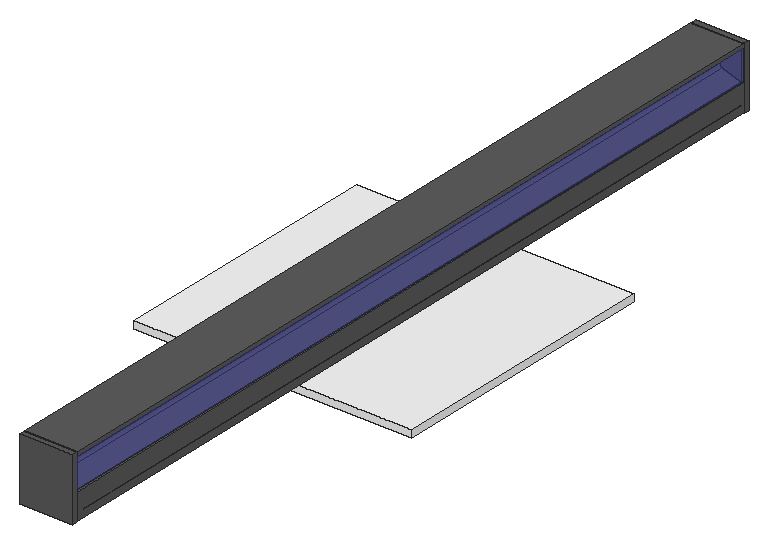
Revit family "BE_50802.5_de_DE", category Leuchten, Revit 2020
Family settings
  Basisbauteil = Fläche
  Bemaßung runder Anschluss = Durchmesser verwenden
  Teiletyp = Normal
  Beim Laden mit Abzugskörper schneiden = Ja
  Lichtquelle = Ja
  Gemeinsam genutzt = Nein
  Raumberechnungspunkt = Ja
Parameters (values of type "BEGA_50802.5_K3")
  built-in parameter 1150104 = 13.778 (stored number, unit not read)
  Wattage = 47.2 W
  Default Elevation = 0 mm
  built-in parameter 1150113 = 1 (stored number, unit not read)
  built-in parameter 1114218 = 1 (stored number, unit not read)
  Umgebungstemperatur = "25 °C"
  URL = "https://www.bega.com/de/produkt/50802.5"
  Typenkommentare = "© 2023 BEGA. Wir behalten uns das Recht vor, technische Änderungen ohne vorherige Ankündigung vorzunehmen."  # constant formula
  built-in parameter 1150134 = (empty or 0)
  built-in parameter 1150109 = 1 (stored number, unit not read)
  Strom = ""
  built-in parameter 1150110 = 1 (stored number, unit not read)
  Spannung = 239.996 V
  Sonderanfertigung = no
  Seriennummer [instance] = "Hier können Sie die eindeutige Seriennummer für das Facility Management eintragen."
  Schutzklasse = "I"
  Schutzart = "IP 20"
  Scheinlast = 0 VA
  Produktdatenblatt = "https://cdn.bega.com/bega/products/50802.5K3/current/documents/data-sheets/de"
  Oberflächentemperatur = ""
  Neigungswinkel = 0.00°
  Modell = "50802.5K3"
  Material_35 = BEGA_Oberfläche_Samtschwarz_matt
  Material_14 = BEGA_Kunststoff_opal
  M_W = no
  M_G = no
  M_A = no
  Logo = 0
  built-in parameter 1114217 = 1 (stored number, unit not read)
  built-in parameter 1150139 = (empty or 0)
  built-in parameter 1150105 = 557.06 (stored number, unit not read)
  built-in parameter 1150114 = 1 (stored number, unit not read)
  Lumens = 7000.23 lm
  built-in parameter 1150115 = 1 (stored number, unit not read)
  Leuchtenlichtstrom = "5910 lm"
  Leuchtenanzahl = ""
  Lebensdauerkriterien = "L70B50 @ 25 °C = 160000 h"
  Lastklassifizierung = Beleuchtung
  built-in parameter 1150112 = 1 (stored number, unit not read)
  Lampenlichtstrom = "7000 lm"
  Lampe = "LED 47.2 W"
  LED_Modulbezeichnung = "8x LED-1050/930"
  Hersteller = "BEGA"  # constant formula
  Halbstreuwinkel = ""
  Gewicht = "7.3 kg"
  Gebrauchslageneinschränkung [instance] = ""
  Frequenz = "0/50-60 Hz"
  Farbwiedergabeindex = "CRI > 90"
  Farbtemperaturverschiebung bei Dämpfen der Lampe = <Keine Auswahl>
  Farbtemperatur = "3000 K"
  Color Filter = 16777215
  built-in parameter 1150133 = 10 (stored number, unit not read)
  Energieeffizienzklasse = "LED A++ - A"
  built-in parameter 1150137 = (empty or 0)
  built-in parameter 1150132 = (empty or 0)
  ENEC = "ja"
  Dimmbar [instance] = "DALI"
  Datei für fotometrisches Netz = "BE_50802.5K3.IES"
  CE_Konformität = "ja"
  Bestellnummer = "50802.5K3"
  Beschreibung_Sonderanfertigung = "Hier können Sie Informationen zur Sonderanfertigung eintragen."
  Beschreibung = "Wandleuchte"
  built-in parameter 1150106 = 5.5706 (stored number, unit not read)
  Befestigungsbohrung = "Ø 5,5 mm"
  Befestigungsabstand = "1150 mm"
  Ballwurfsicher = ""
  BEGA_Intern_aus = yes
  BEGA_Intern_an = yes
  BEGA_Intern_Konstruktion = yes
  BEGA_Intern = yes
  BEGA_IES = yes
  BEGA_Dummy = no
  Anschlussleitung = ""
  Anschlussleistung [instance] = "53 W"
  Anschlusskasten = ""
  built-in parameter 1150107 = 3000 (stored number, unit not read)
  built-in parameter 1150102 = (empty or 0)
  built-in parameter 1150138 = (empty or 0)
  Aktualisierung = "2023-04-19T04:00:03"
  Abstand_zur_angestrahlten_Fläche [instance] = ""
  AC/DC = "AC/DC"
Reference planes
  plane 1 "Mitte (Vorne/Hinten)": y = 0
  plane 2: z = 0
  plane 3 "Mitte (Links/Rechts)": x = 0
  plane 4 "Links": x = -38
  plane 5 "Rechts": x = 38
  plane 6 "Unten": y = -607.856
  plane 7 "Oben": y = 608.144
  plane 8 "Vorne": z = 90
  plane 9 "Hinten": z = 0
Forms (mm)
  Extrusion 1, solid, material "BEGA_Platte_Weiss"
    sketch origin (0, -1119.2, 0) x (1, 0, 0) y (0, 1, 0)
      loop
        line (-200, 1319.2) -> (-200, 919.2) -> (200, 919.2) -> (200, 1319.2) -> (-200, 1319.2)
    from 0 to -10
  Extrusion 2, solid, material "BEGA_Dummy_matt", visible <- "BEGA_Dummy"
    sketch origin (80.095, -76.023, 0) x (1, 0, 0) y (0, 1, 0)
      loop
        line (-118.095, 684.167) -> (-118.095, -531.833) -> (-42.095, -531.833) -> (-42.095, 684.167) -> (-118.095, 684.167)
    from 0 to 90
Dimensions and locks
  plane 1 "Mitte (Vorne/Hinten)" to Extrusion 1 = 200 mm
  aligned and locked: Extrusion 1 to plane 2
  aligned and locked: Extrusion 1 to level
  aligned and locked: Extrusion 2 to nested 1  (x3)
Nested families
  nested 1: "BE_50802.5_Leuchte" at (0, 0, 0), type "BE_50802.5_Leuchte"
Connectors
  electrical at (0, 0, 0), driven by "Lastklassifizierung", driven by "Spannung", driven by "Scheinlast"
    settings: index 1, voltage 239.996 V, apparent load 0 VA, apparent load phase1 0 VA, apparent load phase2 0 VA, apparent load phase3 0 VA, power factor 1, load classification "Beleuchtung", number of poles 1, system type 31, power factor state 1, is connector primary yes, connector utility no, sub classification motor no, connector description ""
Definition of nested family "BE_50802.5_Leuchte"
  Parameters (values of type "BE_50802.5_Leuchte")
    Default Elevation = 1 mm
    URL = "http://www.bega.de/de/produkt"
    Type Comments = "© 2015 BEGA. Wir behalten uns das Recht vor, technische Änderungen ohne vorherige Ankündigung vorzunehmen. "  # constant formula
    Type Image = (empty or 0)
    Material_35 = none
    Material_14 = none
    Länge_Platte = 200 mm  # constant formula
    Höhe_Platte = -10 mm  # constant formula
    Manufacturer = "BEGA"  # constant formula
    Breite_Platte = 200 mm  # constant formula
  Reference planes
    plane 1 "Mitte (Oben/Unten)": y = 0
    plane 2: z = 0
    plane 3 "Mitte (Links/Rechts)": x = 0
    plane 4: y = 608.144
    plane 5: x = 38
    plane 6: y = -607.856
    plane 7: x = -38
    plane 8: z = 90
  Forms (mm)
    Extrusion 1, solid, detail levels medium
      sketch origin (0, 0, 0) x (1, 0, 0) y (0, 1, 0)
        loop
          line (-100, 100) -> (-100, -100) -> (100, -100) -> (100, 100) -> (-100, 100)
      from 0 to -10 <- "Höhe_Platte"
    Extrusion 2, solid, material <- "Material_35"
      sketch origin (0, 0, 0) x (1, 0, 0) y (0, 0, 1)
        loop
          line (26, 0) -> (34, 0) -> (34, 2.5) -> (30.5, 2.5) -> (30.5, 5.902) -> (33.2, 7.461)
          arc (33.2, 7.461) -> (33.8, 8.5) -> (33.2, 9.539) r 1.2
          line (33.2, 9.539) -> (32.472, 9.96) -> (28, 10)
          arc (28, 10) -> (27.646, 9.854) -> (27.5, 9.5) r 0.5
          line (27.5, 9.5) -> (27.5, 8) -> (-24, 8) -> (-24, 9.5)
          arc (-24, 9.5) -> (-24.146, 9.854) -> (-24.5, 10) r 0.5
          line (-24.5, 10) -> (-27.252, 10) -> (-28.075, 8.575) -> (-26, 6.5) -> (-26, 4.5) -> (-28, 2.5) -> (-33, 2.5) -> (-33, 0) -> (-25, 0) -> (-22.402, 4.5) -> (23.402, 4.5) -> (26, 0)
      from -600.144 to 599.856
    Extrusion 3, solid, material <- "Material_35"
      sketch origin (0, 0, 0) x (1, 0, 0) y (0, 0, 1)
        loop
          line (6.609, 47.762) -> (34.4, 39) -> (34.4, 37.196) -> (36, 37.231) -> (36, 39) -> (38, 39) -> (38, 0.5) -> (35, 0.5) -> (35, 2.5) -> (31.5, 2.5) -> (31.5, 6.568) -> (34.5, 8.3) -> (34.5, 10.8) -> (31.5, 12.532) -> (31.5, 34.7) -> (21.034, 38) -> (-21.034, 38) -> (-31.5, 34.7) -> (-31.5, 2.5) -> (-35, 2.5) -> (-35, 0.509) -> (-38, 0.499) -> (-38, 39) -> (-36, 39) -> (-36, 37.23) -> (-34.4, 37.196) -> (-34.4, 39) -> (-32.888, 39.477) -> (-6.481, 47.803)
          arc (-6.481, 47.803) -> (-3.963, 49.616) -> (-3, 52.567) r 5
          line (-3, 52.567) -> (-3, 84.133) -> (-8.5, 83.995) -> (-8.5, 78.89)
          arc (-8.5, 78.89) -> (-8.713, 78.48) -> (-9.171, 78.42) r 0.5
          line (-9.171, 78.42) -> (-27.25, 85) -> (-34.4, 85) -> (-34.4, 86.804) -> (-35.888, 86.771) -> (-36.012, 85.026) -> (-38, 84.997) -> (-38, 90) -> (38, 90) -> (38, 85) -> (36.014, 85) -> (35.888, 86.771) -> (34.4, 86.805) -> (34.4, 85) -> (27.25, 85) -> (9.171, 78.42)
          arc (9.171, 78.42) -> (8.713, 78.48) -> (8.5, 78.89) r 0.5
          line (8.5, 78.89) -> (8.5, 84) -> (3, 84.007) -> (3, 70.92) -> (3, 52.567)
          arc (3, 52.567) -> (3.968, 49.61) -> (6.497, 47.798) r 5
      from -600.144 to 599.856
    Extrusion 4, solid, material <- "Material_14"
      sketch origin (0, 0, 0) x (1, 0, 0) y (0, 0, 1)
        loop
          line (34.5, 86.55) -> (34.5, 37.75) -> (36, 37.75) -> (36, 39.3) -> (37.491, 39.3) -> (37.5, 85) -> (36, 85) -> (36, 86.55) -> (34.5, 86.55)
        loop
          line (-34.5, 86.55) -> (-36, 86.55) -> (-36, 85) -> (-37.5, 85) -> (-37.5, 39.3) -> (-36, 39.3) -> (-36, 37.75) -> (-34.5, 37.75) -> (-34.5, 86.55)
      from -600.144 to 599.856
    Extrusion 5, solid, material <- "Material_35"
      sketch origin (0, 0, 0) x (1, 0, 0) y (0, 1, 0)
        loop
          line (-37.994, -600.726) -> (-37.869, -607.856) -> (37.869, -607.856) -> (37.994, -600.726) -> (37.172, -600.726) -> (37.172, -599.856) -> (-0.439, -599.856) -> (-37.172, -599.856) -> (-37.172, -600.726) -> (-37.994, -600.726)
      from 0 to 90
    Extrusion 6, solid, material <- "Material_35"
      sketch origin (0, 0, 0) x (1, 0, 0) y (0, 1, 0)
        loop
          line (-37.869, 608.144) -> (-37.993, 601.065) -> (-37.124, 601.065) -> (-37.124, 600.144) -> (-0.419, 600.144) -> (37.124, 600.144) -> (37.124, 601.065) -> (37.993, 601.065) -> (37.869, 608.144) -> (-37.869, 608.144)
      from 0 to 90
    Extrusion 7, void
      sketch origin (0, 0, 0) x (1, 0, 0) y (0, 1, 0)
        loop
          line (7.5, -576.606) -> (12.5, -576.606)
          arc (12.5, -576.606) -> (15.25, -573.856) -> (12.5, -571.106) r 2.75
          line (12.5, -571.106) -> (7.5, -571.106)
          arc (7.5, -571.106) -> (4.75, -573.856) -> (7.5, -576.606) r 2.75
        loop
          arc (7, -7.856) -> (12.657, -5.513) -> (15, 0.144) r 8
          line (15, 0.144) -> (15, 134.144)
          arc (15, 134.144) -> (12.657, 139.801) -> (7, 142.144) r 8
          line (7, 142.144) -> (-7, 142.144)
          arc (-7, 142.144) -> (-12.657, 139.801) -> (-15, 134.144) r 8
          line (-15, 134.144) -> (-15, 0.144)
          arc (-15, 0.144) -> (-12.657, -5.513) -> (-7, -7.856) r 8
          line (-7, -7.856) -> (7, -7.856)
        loop
          arc (12.75, 578.644) -> (10, 581.394) -> (7.25, 578.644) r 2.75
          line (7.25, 578.644) -> (7.25, 573.644)
          arc (7.25, 573.644) -> (10, 570.894) -> (12.75, 573.644) r 2.75
          line (12.75, 573.644) -> (12.75, 578.644)
      from 4.5 to 8
  Cuts and joins
    Extrusion 7 cuts Extrusion 2
    Extrusion 7 cuts Extrusion 3
  Dimensions and locks
    equal spacing: Extrusion 1 sketch curve, plane 3 "Mitte (Links/Rechts)", Extrusion 1 sketch curve
    equal spacing: Extrusion 1 sketch curve, plane 1 "Mitte (Oben/Unten)", Extrusion 1 sketch curve
    "Länge_Platte": Extrusion 1 sketch curve to Extrusion 1 sketch curve
    "Breite_Platte": Extrusion 1 sketch curve to Extrusion 1 sketch curve
    plane 1 "Mitte (Oben/Unten)" to Extrusion 1 = 100 mm  (x3)
    aligned and locked: Extrusion 1 to plane 2
    aligned and locked: Extrusion 1 to level
    aligned and locked: Extrusion 3 to Extrusion 2  (x2)
    aligned and locked: Extrusion 4 to Extrusion 2  (x2)
    aligned and locked: Extrusion 3 to Extrusion 6
    aligned and locked: Extrusion 5 to Extrusion 3
  Automatic sketch dimensions
    plane 3 "Mitte (Links/Rechts)" to Extrusion 2 sketch curve = 23.402 mm
    Extrusion 2 sketch curve to Extrusion 2 sketch curve = 2.598 mm
    Extrusion 2 sketch curve to Extrusion 2 sketch curve = 8 mm
    level to Extrusion 2 sketch curve = 9.96 mm
    Extrusion 2 sketch curve to Extrusion 2 sketch curve = 0.128 mm
    Extrusion 2 sketch curve to Extrusion 2 sketch curve = 1.46 mm
    Extrusion 2 sketch curve to Extrusion 2 sketch curve = 4.472 mm
    Extrusion 2 sketch curve to Extrusion 2 sketch curve = 2.1 mm
    level to Extrusion 2 sketch curve = 5.902 mm
    Extrusion 2 sketch curve to Extrusion 2 sketch curve = 0.728 mm
    Extrusion 2 sketch curve to Extrusion 2 sketch curve = 0.6 mm
    level to Extrusion 2 sketch curve = 9.539 mm
    Extrusion 2 sketch curve to Extrusion 2 sketch curve = 0 mm  (x3)
    level to Extrusion 2 sketch curve = 7.461 mm
    Extrusion 2 sketch curve to Extrusion 2 sketch curve = 3.5 mm
    Extrusion 2 sketch curve to Extrusion 2 sketch curve = 2.5 mm  (x2)
    Extrusion 2 sketch curve to Extrusion 2 sketch curve = 0.5 mm  (x2)
    Extrusion 2 sketch curve to Extrusion 2 sketch curve = 1.5 mm  (x2)
    level to Extrusion 2 sketch curve = 9.5 mm
    Extrusion 2 sketch curve to plane 3 "Mitte (Links/Rechts)" = 24.5 mm
    Extrusion 2 sketch curve to Extrusion 2 sketch curve = 2.752 mm
    Extrusion 2 sketch curve to Extrusion 2 sketch curve = 5.748 mm
    Extrusion 2 sketch curve to Extrusion 2 sketch curve = 5 mm
    Extrusion 2 sketch curve to Extrusion 2 sketch curve = 0.823 mm
    level to Extrusion 2 sketch curve = 8.575 mm
    level to Extrusion 2 sketch curve = 4.5 mm  (x2)
    Extrusion 2 sketch curve to Extrusion 2 sketch curve = 2 mm
    level to Extrusion 2 sketch curve = 6.5 mm
    level to Extrusion 2 sketch curve = 0 mm
    Extrusion 2 sketch curve to Extrusion 2 sketch curve = 3 mm
    Extrusion 2 sketch curve to Extrusion 2 sketch curve = 3.598 mm
    Extrusion 2 sketch curve to level = 0 mm
    level to Extrusion 3 sketch curve = 0.5 mm
    Extrusion 3 sketch curve to Extrusion 3 sketch curve = 3 mm  (x4)
    plane 3 "Mitte (Links/Rechts)" to Extrusion 3 sketch curve = 8 mm
    Extrusion 3 sketch curve to Extrusion 3 sketch curve = 0.5 mm  (x3)
    level to Extrusion 3 sketch curve = 8.3 mm
    level to Extrusion 3 sketch curve = 10.8 mm
    level to Extrusion 3 sketch curve = 6.568 mm
    level to Extrusion 3 sketch curve = 12.532 mm
    Extrusion 3 sketch curve to Extrusion 3 sketch curve = 1.6 mm  (x2)
    Extrusion 3 sketch curve to Extrusion 3 sketch curve = 2 mm  (x2)
    Extrusion 3 sketch curve to Extrusion 3 sketch curve = 22.168 mm
    Extrusion 3 sketch curve to Extrusion 3 sketch curve = 0.035 mm  (x2)
    Extrusion 3 sketch curve to Extrusion 3 sketch curve = 1.769 mm
    Extrusion 3 sketch curve to Extrusion 3 sketch curve = 1.804 mm  (x2)
    Extrusion 3 sketch curve to Extrusion 3 sketch curve = 8.762 mm
    Extrusion 3 sketch curve to Extrusion 3 sketch curve = 18.353 mm
    Extrusion 3 sketch curve to Extrusion 3 sketch curve = 7.97 mm
    Extrusion 3 sketch curve to Extrusion 3 sketch curve = 5.5 mm  (x2)
    Extrusion 3 sketch curve to Extrusion 3 sketch curve = 0.171 mm  (x2)
    Extrusion 3 sketch curve to Extrusion 3 sketch curve = 0 mm  (x8)
    Extrusion 3 sketch curve to Extrusion 3 sketch curve = 18.75 mm  (x2)
    Extrusion 3 sketch curve to Extrusion 3 sketch curve = 6.58 mm
    Extrusion 3 sketch curve to Extrusion 3 sketch curve = 5.11 mm
    Extrusion 3 sketch curve to Extrusion 3 sketch curve = 0.007 mm
    Extrusion 3 sketch curve to Extrusion 3 sketch curve = 5.117 mm
    Extrusion 3 sketch curve to Extrusion 3 sketch curve = 7.15 mm  (x2)
    Extrusion 3 sketch curve to Extrusion 3 sketch curve = 1.986 mm
    Extrusion 3 sketch curve to Extrusion 3 sketch curve = 5.105 mm
    Extrusion 3 sketch curve to Extrusion 3 sketch curve = 0.003 mm
    Extrusion 3 sketch curve to Extrusion 3 sketch curve = 5.003 mm
    Extrusion 3 sketch curve to plane 3 "Mitte (Links/Rechts)" = 8 mm
    Extrusion 3 sketch curve to plane 3 "Mitte (Links/Rechts)" = 3 mm
    Extrusion 3 sketch curve to Extrusion 3 sketch curve = 1.519 mm
    Extrusion 3 sketch curve to Extrusion 3 sketch curve = 0.138 mm
    Extrusion 3 sketch curve to plane 3 "Mitte (Links/Rechts)" = 38 mm
    level to Extrusion 3 sketch curve = 0.499 mm
    level to Extrusion 3 sketch curve = 0.509 mm
    Extrusion 3 sketch curve to Extrusion 3 sketch curve = 2.281 mm
    Extrusion 3 sketch curve to Extrusion 3 sketch curve = 1.77 mm
    Extrusion 3 sketch curve to Extrusion 3 sketch curve = 2.9 mm  (x2)
    Extrusion 3 sketch curve to Extrusion 3 sketch curve = 11.854 mm
    Extrusion 3 sketch curve to plane 3 "Mitte (Links/Rechts)" = 21.034 mm
    Extrusion 3 sketch curve to Extrusion 3 sketch curve = 1.991 mm
    Extrusion 3 sketch curve to Extrusion 3 sketch curve = 2.496 mm  (x2)
    Extrusion 3 sketch curve to Extrusion 3 sketch curve = 1.477 mm
    plane 3 "Mitte (Links/Rechts)" to Extrusion 3 sketch curve = 3 mm
    Extrusion 3 sketch curve to Extrusion 3 sketch curve = 0.113 mm
    Extrusion 3 sketch curve to Extrusion 3 sketch curve = 5 mm
    Extrusion 3 sketch curve to Extrusion 3 sketch curve = 1.614 mm
    Extrusion 3 sketch curve to Extrusion 3 sketch curve = 1.488 mm  (x2)
    Extrusion 3 sketch curve to Extrusion 3 sketch curve = 1.771 mm
    Extrusion 3 sketch curve to Extrusion 3 sketch curve = 1.805 mm
    Extrusion 3 sketch curve to Extrusion 3 sketch curve = 1.988 mm
    Extrusion 3 sketch curve to Extrusion 3 sketch curve = 0.125 mm
    Extrusion 3 sketch curve to Extrusion 3 sketch curve = 0.029 mm
    Extrusion 3 sketch curve to Extrusion 3 sketch curve = 1.745 mm
    Extrusion 3 sketch curve to Extrusion 3 sketch curve = 0.033 mm
    Extrusion 3 sketch curve to Extrusion 3 sketch curve = 1.391 mm
    Extrusion 3 sketch curve to Extrusion 3 sketch curve = 10.466 mm
    Extrusion 3 sketch curve to Extrusion 3 sketch curve = 32.2 mm
    Extrusion 3 sketch curve to Extrusion 3 sketch curve = 0.041 mm
    Extrusion 3 sketch curve to Extrusion 3 sketch curve = 14.425 mm
    plane 3 "Mitte (Links/Rechts)" to Extrusion 4 sketch curve = 34.5 mm
    level to Extrusion 4 sketch curve = 86.55 mm
    Extrusion 4 sketch curve to Extrusion 4 sketch curve = 1.5 mm  (x6)
    level to Extrusion 4 sketch curve = 37.75 mm  (x2)
    Extrusion 4 sketch curve to Extrusion 4 sketch curve = 2.991 mm
    Extrusion 4 sketch curve to Extrusion 4 sketch curve = 1.55 mm  (x4)
    Extrusion 4 sketch curve to plane 3 "Mitte (Links/Rechts)" = 34.5 mm
    Extrusion 4 sketch curve to Extrusion 4 sketch curve = 0 mm
    Extrusion 5 sketch curve to plane 3 "Mitte (Links/Rechts)" = 37.994 mm
    Extrusion 5 sketch curve to Extrusion 5 sketch curve = 0.124 mm  (x2)
    Extrusion 5 sketch curve to Extrusion 5 sketch curve = 0.822 mm  (x2)
    plane 3 "Mitte (Links/Rechts)" to Extrusion 5 sketch curve = 37.869 mm
    plane 1 "Mitte (Oben/Unten)" to Extrusion 5 sketch curve = 607.856 mm
    Extrusion 5 sketch curve to Extrusion 5 sketch curve = 7.131 mm
    Extrusion 5 sketch curve to Extrusion 5 sketch curve = 0 mm
    Extrusion 5 sketch curve to Extrusion 5 sketch curve = 0.869 mm
    Extrusion 5 sketch curve to Extrusion 5 sketch curve = 36.733 mm
    Extrusion 6 sketch curve to plane 3 "Mitte (Links/Rechts)" = 37.993 mm
    Extrusion 6 sketch curve to Extrusion 6 sketch curve = 0.124 mm
    Extrusion 6 sketch curve to Extrusion 6 sketch curve = 0.868 mm  (x2)
    plane 3 "Mitte (Links/Rechts)" to Extrusion 6 sketch curve = 37.869 mm
    Extrusion 6 sketch curve to plane 1 "Mitte (Oben/Unten)" = 600.144 mm
    Extrusion 6 sketch curve to Extrusion 6 sketch curve = 0.921 mm  (x2)
    Extrusion 6 sketch curve to Extrusion 6 sketch curve = 7.079 mm
    Extrusion 6 sketch curve to Extrusion 6 sketch curve = 36.705 mm
    Extrusion 6 sketch curve to Extrusion 6 sketch curve = 37.543 mm
    plane 3 "Mitte (Links/Rechts)" to Extrusion 7 sketch curve = 12.5 mm
    plane 6 to Extrusion 7 sketch curve = 31.25 mm
    Extrusion 7 sketch curve to Extrusion 7 sketch curve = 2.75 mm  (x2)
    Extrusion 7 sketch curve to Extrusion 7 sketch curve = 5 mm  (x3)
    Extrusion 7 sketch curve to plane 3 "Mitte (Links/Rechts)" = 7 mm  (x2)
    plane 1 "Mitte (Oben/Unten)" to Extrusion 7 sketch curve = 7.856 mm
    plane 3 "Mitte (Links/Rechts)" to Extrusion 7 sketch curve = 7 mm
    Extrusion 7 sketch curve to plane 1 "Mitte (Oben/Unten)" = 0.144 mm  (x2)
    Extrusion 7 sketch curve to Extrusion 7 sketch curve = 134 mm
    Extrusion 7 sketch curve to Extrusion 7 sketch curve = 0 mm  (x2)
    plane 3 "Mitte (Links/Rechts)" to Extrusion 7 sketch curve = 7.25 mm
    Extrusion 7 sketch curve to plane 4 = 34.5 mm
